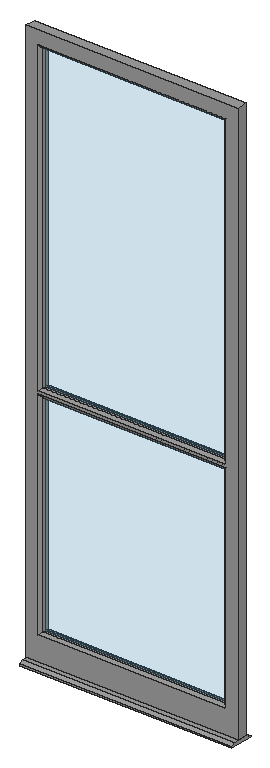
Revit family "NS-212 DOOR-0.25-SF_v04", category Curtain Panels, Revit 2015
Parameters
  Width [instance] = 3' - 2"
  URL = "obe.com"
  Rough Width [instance] = 3' - 0"
  Panel Width [instance] = [Min-Max Rough Width]  # 3' - 0"
  Offset [instance] = 0' - 0"
  Model = "NS-212 DOOR"
  Min-Max Rough Width [instance] = if(and((Rough Width > 2' 11 255/256"), (Rough Width < 3' 6 1/256")), Rough Width, 3' 0")  # 3' - 0"
  Manufacturer = "Oldcastle BuildingEnvelope®"
  Keynote = "08 11 00"
  Hinge [instance] = yes
  Height [instance] = 8' - 0"
  Pushbar Height [instance] = 3' - 5 1/4"  # constant formula
  Glass Material = Glass
  Frame Material = Aluminum
  Door Panel Height [instance] = Height + 0' 0 1/2"  # 8' - 0 1/2"
  Description = "NS-212 - 1/4\" Door Infill"
  Assembly Code = "B2030"
  Analytic Construction = "<None>"
  8 Muntin [instance] = no
  6.5 Muntin [instance] = no
  6.5 Bottom Rail [instance] = not([4 Bottom Rail])  # no
  4 Muntin [instance] = no
  4 Bottom Rail [instance] = yes
  1.875 Muntin [instance] = no
  0.5 Muntin [instance] = if(or([1.875 Muntin], [4 Muntin], [6.5 Muntin], [8 Muntin]), 1 = 2, 1 = 1)  # yes
Reference planes (in)
  plane 1 "Front": y = 0
  plane 2: z = 0
  plane 3 "Center (Left/Right)": x = 0
  plane 4 "Left": x = -19
  plane 5 "Right": x = 19
  plane 6 "Top": z = 96
  plane 7: x = -18
  plane 8: x = 18
Text (in)
  text "Exterior" at (-54.29358, 31.38743, 0), in view "Ref. Level"
  text "Exterior" at (480, 41.53993, 89.60405), in view "Right"
  text "Exterior" at (-240, 57.82419, 105.78864), in view "Left"
Dimensions and locks (in)
  equal spacing: plane 4 "Left", plane 3 "Center (Left/Right)", plane 5 "Right"
  "Width": plane 4 "Left" to plane 5 "Right"
  "Height": plane 6 "Top" to plane 2
  equal spacing: plane 7, plane 3 "Center (Left/Right)", plane 8
  "Min-Max Rough Width": plane 7 to plane 8
  aligned and locked: level to plane 2
  aligned and locked: plane 3 "Center (Left/Right)" to nested 1
  aligned and locked: plane 1 "Front" to nested 1
Nested families (in)
  nested 1: "NS-212 DOOR-0.25-Panel_v03" at (0, -15, 0), Frame Material <- "Frame Material", Glass Material <- "Glass Material", 0.5 Muntin <- "0.5 Muntin", 1.875 Muntin <- "1.875 Muntin", 4 Muntin <- "4 Muntin", 6.5 Muntin <- "6.5 Muntin", 8 Muntin <- "8 Muntin", 4 Bottom Rail <- "4 Bottom Rail", Hinge <- "Hinge", Height <- "Door Panel Height", Width <- "Min-Max Rough Width", Offset <- "Offset", type "NS-212 DOOR-0.25-Panel_v03"
    with built-in parameter 1001301 3' - 0", Pushbar Height 3' - 5 1/4", Offset 0' - 0", Hinge yes, built-in parameter 1001300 8' - 0 1/2", Glass at Muntin 0' - 1 1/16", Glass Material Glass, Frame Material Aluminum, Bottom Rail 0' - 4 31/32", 8 Muntin no, 6.5 Muntin no, 4 Muntin no, 4 Bottom Rail yes, 1.875 Muntin no, 0.5 Muntin yes
Definition of nested family "NS-212 DOOR-0.25-Panel_v03"
  Parameters (values of type "NS-212 DOOR-0.25-Panel_v03")
    Width [instance] = 3' - 0"
    Offset [instance] = 0' - 10"
    Hinge [instance] = yes
    Height [instance] = 8' - 0"
    Glass at Muntin [instance] = if([8 Muntin], 0' 8 9/16", if([6.5 Muntin], 0' 7 1/16", if([4 Muntin], 0' 4 9/16", if([1.875 Muntin], 0' 2 109/256", 0' 1 1/16"))))  # 0' - 2 109/256"
    Pushbar Height [instance] = 3' - 5 1/4"  # constant formula
    Glass Material [instance] = none
    Frame Material [instance] = none
    Bottom Rail [instance] = if([4 Bottom Rail], 0' 4 31/32", 0' 7 15/32")  # 0' - 7 15/32"
    8 Muntin [instance] = no
    6.5 Muntin [instance] = no
    4 Muntin [instance] = no
    4 Bottom Rail [instance] = no
    1.875 Muntin [instance] = yes
    0.5 Muntin [instance] = if(or([1.875 Muntin], [4 Muntin], [6.5 Muntin], [8 Muntin]), 1 = 2, 1 = 1)  # no
  Reference planes (in)
    plane 1 "00": y = 4.0625
    plane 2: z = 0
    plane 3 "Center (Left/Right)": x = 0
    plane 4: z = 96
    plane 5: x = 18
    plane 6: x = -18
    plane 7 "Center (Front/Back)": y = 15
    plane 8 "Exterior": y = 4.1875
    plane 9: z = 48
    plane 10: z = 92.96875
    plane 11 "Offset": y = 5
    plane 12: z = 42.46289
    plane 13 "Muntin axis": z = 40.03711
    plane 14: z = 41.25
  Forms (in)
    Sweep 1, solid, material <- "Frame Material"
      path origin (0, 4.0625, 0) x (1, 0, 0) y (0, 0, 1)
        loop
          line (-17.78843, 96) -> (17.80279, 96)
      profile origin (0.00718, 4.0625, 96) x (0, 0, 1) y (0, -1, 0)
        loop
          line (-0.59375, -0.875) -> (-0.59375, 0.875) -> (-2.83968, 0.875) -> (-3.34375, 0.45204) -> (-3.34375, 0.125) -> (-3.125, 0.125) -> (-3.125, -0.125) -> (-3.34375, -0.125) -> (-3.34375, -0.45204) -> (-2.83968, -0.875) -> (-0.59375, -0.875)
    Sweep 2, solid, material <- "Frame Material"
      path origin (0, 4.0625, 0) x (1, 0, 0) y (0, 0, 1)
        loop
          line (17.80279, 0) -> (-17.78843, 0)
      profile origin (0.00718, 4.0625, 0) x (0, 0, -1) y (0, -1, 0)
        loop
          line (-7.18343, -0.875) -> (-0.6875, -0.875) -> (-0.6875, 0.875) -> (-7.18343, 0.875) -> (-7.6875, 0.45204) -> (-7.6875, 0.125) -> (-7.46875, 0.125) -> (-7.46875, -0.125) -> (-7.6875, -0.125) -> (-7.6875, -0.45204) -> (-7.18343, -0.875)
        loop
          line (-0.5, -1.1555) -> (-0.19364, -1.8125) -> (0, -1.8125) -> (0, 2.1875) -> (-0.19364, 2.1875) -> (-0.5, 1.5305) -> (-0.5, -1.1555)
    Sweep 3, solid, material <- "Frame Material"
      path origin (0, 4.0625, 0) x (1, 0, 0) y (0, 0, 1)
        loop
          line (18, 95.40625) -> (18, 0.6875)
      profile origin (18, 4.0625, 48.04687) x (0, -1, 0) y (1, 0, 0)
        loop
          line (0.875, -0.08821) -> (-0.875, -0.19721) -> (-0.875, -2.20914) -> (-0.45204, -2.71321) -> (-0.125, -2.71321) -> (-0.125, -2.49446) -> (0.125, -2.49446) -> (0.125, -2.71321) -> (0.45204, -2.71321) -> (0.875, -2.20914) -> (0.875, -0.08821)
    Sweep 4, solid, material <- "Frame Material"
      path origin (0, 4.0625, 0) x (1, 0, 0) y (0, 0, 1)
        loop
          line (-18, 95.40625) -> (-18, 0.6875)
      profile origin (-18, 4.0625, 48.04687) x (0, -1, 0) y (1, 0, 0)
        loop
          line (-0.875, 0.96157) -> (-0.875, 0.21157) -> (0.875, 0.09779) -> (0.875, 0.85257) -> (0.875, 2.21871) -> (0.45204, 2.72278) -> (0.125, 2.72278) -> (0.125, 2.50403) -> (-0.125, 2.50403) -> (-0.125, 2.72278) -> (-0.45204, 2.72278) -> (-0.875, 2.21871) -> (-0.875, 0.96157)
    Extrusion 5, solid, material <- "Glass Material"
      sketch origin (0, 0, 0) x (1, 0, 0) y (0, 1, 0)
        loop
          line (-15.49597, 4.1875) -> (-15.49597, 3.9375) -> (15.50554, 3.9375) -> (15.50554, 4.1875) -> (-15.49597, 4.1875)
      from 42.46289 to 92.96875
    Extrusion 6, solid, material <- "Glass Material"
      sketch origin (0, 0, 0) x (1, 0, 0) y (0, 1, 0)
        loop
          line (-15.49597, 4.1875) -> (-15.49597, 3.9375) -> (15.50554, 3.9375) -> (15.50554, 4.1875) -> (-15.49597, 4.1875)
      from 7.46875 to 40.03711
    Sweep 7, solid, material <- "Frame Material"
      path origin (0, 0, 40.03711) x (0, 1, 0) y (-1, 0, 0)
        loop
          line (5, 17.78843) -> (5, -17.80279)
      profile origin (0.00718, 5, 40.03711) x (0, 1, 0) y (0, 0, 1)
        loop
          line (-0.8125, 0) -> (-0.8125, -0.21875) -> (-0.48546, -0.21875) -> (-0.0625, 0.28532) -> (-0.0625, 2.14046) -> (-0.48546, 2.64453) -> (-0.8125, 2.64453) -> (-0.8125, 2.42578) -> (-1.0625, 2.42578) -> (-1.0625, 2.64453) -> (-1.38954, 2.64453) -> (-1.8125, 2.14046) -> (-1.8125, 0.28532) -> (-1.38954, -0.21875) -> (-1.0625, -0.21875) -> (-1.0625, 0) -> (-0.8125, 0)
  Cuts and joins
    joined: Sweep 1, Sweep 2, Sweep 3, Sweep 4, Sweep 7
  Lines and regions (in)
    model lines
      curve 1: line (17.80279, 4.1875, 48) -> (-17.78843, 4.1875, 95.5)
      curve 2: line (17.80279, 4.0625, 48) -> (-17.90221, 4.0625, 0)
  Dimensions and locks (in)
    "Height": plane 4 to level
    "Offset": plane 11 "Offset" to plane 7 "Center (Front/Back)"
    plane 1 "00" to plane 8 "Exterior" to plane 11 "Offset" = 0' - 0 1/8" locked, 0' - 0 13/16" locked
    equal spacing: level, plane 9, plane 4
    locked: Sweep 3 sketch curve to plane 4 at 0.59375
    locked: Sweep 4 sketch curve to plane 4 at 0.59375
    "Bottom Rail": Sweep 2 sketch curve to level
    Sweep 2 sketch curve to Sweep 2 sketch curve to Sweep 2 sketch curve to Sweep 2 sketch curve to Sweep 2 sketch curve = 0' - 0" locked, 0' - 0 7/32" locked, 0' - 0.28532" locked, 0' - 0" locked
    "Width": plane 6 to plane 5
    locked: plane 6 to Extrusion 5 sketch curve at 2.50403
    locked: Extrusion 5 sketch curve to plane 5 at 2.49446
    locked: Extrusion 6 sketch curve to plane 5 at 2.49446
    locked: plane 6 to Extrusion 6 sketch curve at 2.50403
    locked: Sweep 1 sketch curve to plane 6 at 0.21157
    locked: plane 5 to Sweep 1 sketch curve at 0.19721
    locked: plane 5 to Sweep 2 sketch curve at 0.19721
    locked: Sweep 2 sketch curve to plane 6 at 0.21157
    locked: plane 4 to plane 10 at 3.03125
    equal spacing: plane 6, plane 3 "Center (Left/Right)", plane 5
    "Glass at Muntin": plane 12 to plane 13 "Muntin axis"
    locked: plane 6 to Sweep 7 sketch curve at 0.21157
    locked: Sweep 7 sketch curve to plane 5 at 0.19721
    Sweep 7 sketch curve to plane 12 to Sweep 7 sketch curve = 0' - 0 7/32" locked, 0' - 0.28532" locked  (x2)
    Sweep 7 sketch curve to plane 13 "Muntin axis" to Sweep 7 sketch curve = 0' - 0.28532" locked, 0' - 0 7/32" locked
    Sweep 7 sketch curve to profile plane to Sweep 7 sketch curve = 0' - 0.28532" locked, 0' - 0 7/32" locked
    equal spacing: plane 12, plane 14, plane 13 "Muntin axis"
    "Pushbar Height": plane 14 to plane 2
    locked: plane 1 "00" to nested 1 at 0.0287
    locked: Sweep 4 sketch curve to plane 2 at 0.6875
    locked: Sweep 3 sketch curve to plane 2 at 0.6875
    aligned and locked: plane 2 to level
    aligned and locked: plane 3 "Center (Left/Right)" to nested 1
    aligned and locked: Sweep 1 sketch curve to plane 4
    aligned and locked: Sweep 2 sketch curve to level
    aligned and locked: nested 2 to plane 1 "00"
    aligned and locked: plane 5 to Sweep 3 sketch curve
    aligned and locked: plane 6 to Sweep 4 sketch curve
    aligned and locked: Extrusion 6 to cut or joined group of Sweep 1, Sweep 2, Sweep 3, Sweep 4, Sweep 7
    aligned and locked: plane 10 to Extrusion 5
    aligned and locked: plane 9 to curve 1
    aligned and locked: plane 9 to curve 2
    aligned and locked: curve 2 to curve 1
    aligned and locked: Sweep 7 sketch curve to plane 11 "Offset"
    aligned and locked: Sweep 7 sketch curve to profile plane
    aligned and locked: plane 12 to Sweep 7 sketch curve
    aligned and locked: Extrusion 5 to plane 12
    aligned and locked: plane 13 "Muntin axis" to Extrusion 6
    aligned and locked: cut or joined group of Sweep 1, Sweep 2, Sweep 3, Sweep 4, Sweep 7 to plane 2
  Automatic sketch dimensions
    profile plane to Sweep 1 sketch curve = 0' - 0 19/32"
    Sweep 1 sketch curve to plane 1 "00" = 0' - 0 7/8"
    Sweep 1 sketch curve to Sweep 1 sketch curve = 0' - 2.24593"
    Sweep 1 sketch curve to plane 1 "00" = 0' - 0.45204"
    Sweep 1 sketch curve to Sweep 1 sketch curve = 0' - 0.50407"  (x2)
    Sweep 1 sketch curve to plane 1 "00" = 0' - 0 1/8"
    Sweep 1 sketch curve to Sweep 1 sketch curve = 0' - 0 7/32"  (x2)
    plane 1 "00" to Sweep 1 sketch curve = 0' - 0 1/8"
    plane 1 "00" to Sweep 1 sketch curve = 0' - 0 7/8"
    Sweep 1 sketch curve to Sweep 1 sketch curve = 0' - 0.32704"
    Sweep 3 sketch curve to plane 1 "00" = 0' - 0 7/8"
    profile plane to Sweep 3 sketch curve = 0' - 0.19721"
    plane 1 "00" to Sweep 3 sketch curve = 0' - 0 7/8"
    Sweep 3 sketch curve to Sweep 3 sketch curve = 0' - 2.01193"
    profile plane to Sweep 3 sketch curve = 0' - 0.08821"
    Sweep 3 sketch curve to plane 1 "00" = 0' - 0.45204"
    Sweep 3 sketch curve to plane 1 "00" = 0' - 0 1/8"
    Sweep 3 sketch curve to Sweep 3 sketch curve = 0' - 0.28532"
    Sweep 3 sketch curve to Sweep 3 sketch curve = 0' - 0 7/32"
    Sweep 3 sketch curve to Sweep 3 sketch curve = 0' - 0"
    Sweep 3 sketch curve to Sweep 3 sketch curve = 0' - 0.32704"
    Sweep 3 sketch curve to Sweep 3 sketch curve = 0' - 0.50407"
    plane 1 "00" to Sweep 3 sketch curve = 0' - 0 1/8"
    Sweep 4 sketch curve to profile plane = 0' - 0.96157"
    Sweep 4 sketch curve to plane 1 "00" = 0' - 0 7/8"
    Sweep 4 sketch curve to plane 1 "00" = 0' - 0.45204"
    Sweep 4 sketch curve to plane 1 "00" = 0' - 0 1/8"
    plane 1 "00" to Sweep 4 sketch curve = 0' - 0 1/8"
    Sweep 4 sketch curve to Sweep 4 sketch curve = 0' - 0.32704"
    Sweep 4 sketch curve to profile plane = 0' - 0.85257"
    plane 1 "00" to Sweep 4 sketch curve = 0' - 0 7/8"
    Sweep 4 sketch curve to profile plane = 0' - 0.21157"
    Sweep 4 sketch curve to Sweep 4 sketch curve = 0' - 1.36614"
    Sweep 4 sketch curve to Sweep 4 sketch curve = 0' - 1.25714"
    Sweep 4 sketch curve to Sweep 4 sketch curve = 0' - 0.28532"
    Sweep 4 sketch curve to Sweep 4 sketch curve = 0' - 0 7/32"  (x2)
    Sweep 4 sketch curve to profile plane = 0' - 0.09779"
    plane 8 "Exterior" to Extrusion 5 sketch curve = 0' - 0"
    plane 1 "00" to Extrusion 5 sketch curve = 0' - 0 1/8"
    plane 8 "Exterior" to Extrusion 6 sketch curve = 0' - 0"
    plane 1 "00" to Extrusion 6 sketch curve = 0' - 0 1/8"
    plane 6 to curve 1 = 0' - 0.21157"
    curve 1 to plane 4 = 0' - 0 1/2"
    curve 2 to level = 0' - 0"
    plane 6 to curve 2 = 0' - 0.09779"
    profile plane to Sweep 7 sketch curve = 0' - 1 13/16"
    Sweep 7 sketch curve to Sweep 7 sketch curve = 0' - 0.42296"  (x2)
    Sweep 7 sketch curve to Sweep 7 sketch curve = 0' - 0.32704"  (x3)
    Sweep 7 sketch curve to Sweep 7 sketch curve = 0' - 0 1/4"  (x2)
    profile plane to Sweep 7 sketch curve = 0' - 0.48546"
    profile plane to Sweep 7 sketch curve = 0' - 0 1/16"
    curve 1 to plane 5 = 0' - 0.19721"
    Sweep 2 sketch curve to profile plane = 0' - 0"
    profile plane to Sweep 2 sketch curve = 0' - 0 11/16"
    Sweep 2 sketch curve to Sweep 2 sketch curve = 0' - 0 3/16"
    Sweep 2 sketch curve to Sweep 2 sketch curve = 0' - 0.19364"  (x2)
    Sweep 2 sketch curve to plane 1 "00" = 0' - 1 13/16"
    Sweep 2 sketch curve to Sweep 2 sketch curve = 0' - 0.657"  (x2)
    Sweep 2 sketch curve to Sweep 2 sketch curve = 0' - 0.2805"
    Sweep 2 sketch curve to plane 1 "00" = 0' - 0.45204"
    Sweep 2 sketch curve to plane 1 "00" = 0' - 0 1/8"
    plane 1 "00" to Sweep 2 sketch curve = 0' - 0 1/8"
    Sweep 2 sketch curve to Sweep 2 sketch curve = 0' - 0.32704"
    Sweep 2 sketch curve to Sweep 2 sketch curve = 0' - 0.42296"
    Sweep 2 sketch curve to Sweep 2 sketch curve = 0' - 0.6555"
  Nested families (in)
    nested 1: "NS-212 DOOR-0.25-Plan View" at (0, 4.0912, 0), Width <- "Width", Hinge <- "Hinge", type "NS-212 DOOR-0.25-Plan View"
      with Width 3' - 0", Hinge yes
    nested 2: "NS-212 DOOR-0.25-Section_v02" at (0, 4.0625, 0) x (0, -1, 0) z (1, 0, 0), 0.5 Muntin <- "0.5 Muntin", 1.875 Muntin <- "1.875 Muntin", 4 Muntin <- "4 Muntin", 6.5 Muntin <- "6.5 Muntin", 8 Muntin <- "8 Muntin", 4 Bottom Rail <- "4 Bottom Rail", Height <- "Height", type "NS-212 DOOR-0.25-Section_v02"
      with Pushbar Height 3' - 5 1/4", Height 8' - 0", Glass at Muntins 0' - 2 7/16", Bottom Rail 0' - 7 15/32", 8 Muntin no, 6.5 Muntin no, 6.5 Bottom Rail yes, 4 Muntin no, 4 Bottom Rail no, 1.875 Muntin yes, 0.5 Muntin no
  Definition of nested family "NS-212 DOOR-0.25-Plan View"
    Parameters (values of type "NS-212 DOOR-0.25-Plan View")
      Width [instance] = 3' - 0"
      Hinge [instance] = yes
    Reference planes (in)
      plane 1 "Center (Front/Back)": y = 0
      plane 2: z = 0
      plane 3 "Center (Left/Right)": x = 0
      plane 4: x = -18
      plane 5: x = 18
      plane 6: x = 16.68437
      plane 7: y = 36
    Lines and regions (in)
      detail lines, in view "Ref. Level", not visible
        curve 1: line (-15.41096, 0.125, 0) -> (15.50075, 0.125, 0)
        curve 2: line (-15.41096, -0.125, 0) -> (15.44186, -0.125, 0)
      detail lines, in view "Ref. Level"
        curve 3: arc (-17.81721, -0.875, 0) -> (-7.79503, 24.86472, 0) -> (17.55937, 35.82519, 0) r 35.8279
        curve 4: line (16.55937, 3.84925, 0) -> (16.55937, 33.51525, 0)
        curve 8: line (16.80937, 3.84925, 0) -> (16.80937, 33.51525, 0)
      detail lines, in view "Ref. Level", detail levels fine
        curve 5: line (16.62187, 3.84925, 0) -> (16.62187, 33.51525, 0)
        curve 6: line (16.68437, 3.84925, 0) -> (16.68437, 33.51525, 0)
        curve 7: line (16.74687, 3.84925, 0) -> (16.74687, 33.51525, 0)
    Dimensions and locks (in)
      "Width": plane 4 to plane 5
      equal spacing: plane 4, plane 3 "Center (Left/Right)", plane 5
      "Width": plane 7 to plane 1 "Center (Front/Back)"
      locked: plane 1 "Center (Front/Back)" to nested 4 at 0.9
      locked: plane 5 to nested 5 at 2.25
      locked: plane 5 to nested 1 at 2.25
      locked: plane 6 to plane 5 at 1.31563
      nested 1 to plane 5 = 0' - 0.202"
      locked: nested 3 to plane 7 at 2.2645
      locked: nested 2 to plane 4 at 2.25
      aligned and locked: nested 2 to plane 1 "Center (Front/Back)"
      aligned and locked: plane 1 "Center (Front/Back)" to nested 1
      aligned and locked: nested 3 to plane 6
      aligned and locked: nested 4 to curve 8
      aligned and locked: nested 4 to curve 7
      aligned and locked: nested 4 to curve 6
      aligned and locked: nested 3 to curve 8
      aligned and locked: nested 3 to curve 7
      aligned and locked: nested 3 to curve 6
      aligned and locked: nested 3 to curve 5
      aligned and locked: curve 4 to nested 3
      aligned and locked: plane 6 to nested 4
      aligned and locked: curve 1 to nested 1
    Automatic sketch dimensions
      curve 6 to plane 6 = 0' - 0"
      plane 1 "Center (Front/Back)" to curve 3 = 0' - 0"
      curve 3 to plane 5 = 0' - 0"
      plane 6 to curve 5 = 0' - 0 1/16"
      curve 4 to curve 5 = 0' - 0 1/16"
      curve 1 to plane 1 "Center (Front/Back)" = 0' - 0 1/8"
      curve 2 to curve 1 = 0' - 0.05889"
      curve 2 to curve 1 = 0' - 0"
      curve 6 to curve 7 = 0' - 0 1/16"
      curve 7 to curve 8 = 0' - 0 1/16"
      curve 3 to plane 6 = 0' - 0 7/8"
      plane 1 "Center (Front/Back)" to curve 2 = 0' - 0 1/8"
      curve 7 to curve 3 = 0' - 2.30994"
      plane 1 "Center (Front/Back)" to curve 3 = 0' - 0 7/8"
      curve 3 to curve 2 = 0' - 2 13/32"
      curve 4 to curve 5 = 0' - 0"
      curve 4 to curve 6 = 0' - 0"
    Nested families (in)
      nested 1: "HINGE-HD-DI" at (20.25, 0, 0), type "HINGE-HD-DI", in view "Ref. Level", not visible
      nested 2: "HINGE-HD-DI" at (-20.25, 0, 0) x (-1, 0, 0) z (0, 0, 1), type "HINGE-HD-DI", in view "Ref. Level", not visible
      nested 3: "HINGE-HD-DI" at (16.68437, 38.2645, 0) x (0, 1, 0) z (0, 0, 1), type "HINGE-HD-DI", in view "Ref. Level"
      nested 4: "HINGE-HD-DI" at (16.68437, -0.9, 0) x (0, -1, 0) z (0, 0, 1), type "HINGE-HD-DI", in view "Ref. Level"
      nested 5: "HINGE-DI" at (20.25, 0, 0) x (-1, 0, 0) z (0, 0, 1), visible <- "Hinge", type "HINGE-DI", in view "Ref. Level"
    Definition of nested family "HINGE-HD-DI"
      Reference planes (in)
        plane 1 "Center (Front/Back)": y = 0
        plane 2: z = 0
        plane 3 "Center (Left/Right)": x = 0
    Definition of nested family "HINGE-DI"
      Reference planes (in)
        plane 1 "Center (Front/Back)": y = 0
        plane 2: z = 0
        plane 3 "Center (Left/Right)": x = 0
  Definition of nested family "NS-212 DOOR-0.25-Section_v02"
    Parameters (values of type "NS-212 DOOR-0.25-Section_v02")
      Height [instance] = 8' - 0"
      Glass at Muntins [instance] = if([8 Muntin], 0' 8 9/16", if([6.5 Muntin], 0' 7 1/16", if([4 Muntin], 0' 4 9/16", if([1.875 Muntin], 0' 2 7/16", 0' 1 1/16"))))  # 0' - 8 9/16"
      Pushbar Height [instance] = 3' - 5 1/4"  # constant formula
      Bottom Rail [instance] = if([6.5 Bottom Rail], 0' 7 15/32", 0' 4 31/32")  # 0' - 7 15/32"
      8 Muntin [instance] = yes
      6.5 Muntin [instance] = no
      6.5 Bottom Rail [instance] = not([4 Bottom Rail])  # yes
      4 Muntin [instance] = no
      4 Bottom Rail [instance] = no
      1.875 Muntin [instance] = no
      0.5 Muntin [instance] = if(or([1.875 Muntin], [4 Muntin], [6.5 Muntin], [8 Muntin]), 1 = 2, 1 = 1)  # no
    Reference planes (in)
      plane 1 "Center (Front/Back)": y = 0
      plane 2: z = 0
      plane 3 "Center (Left/Right)": x = 0
      plane 4: y = 7.46875
      plane 5: y = 92.875
      plane 6: y = 45.53125
      plane 7: y = 36.96875
      plane 8: y = 45.75
      plane 9: y = 96
      plane 10: y = 41.25
      plane 11: y = 45
      plane 12: y = 42.6825
      plane 13: y = 42
      plane 14: y = 43.75
    Lines and regions (in)
      detail lines, in view "Ref. Level"
        curve 1: line (-0.125, 92.875, 0) -> (-0.125, 45.53125, 0)
        curve 5: line (0.125, 92.875, 0) -> (0.125, 45.53125, 0)
        curve 6: line (0.125, 36.96875, 0) -> (0.125, 7.46875, 0)
        curve 10: line (-0.125, 36.96875, 0) -> (-0.125, 7.46875, 0)
      detail lines, in view "Ref. Level", detail levels fine
        curve 2: line (-0.0625, 92.875, 0) -> (-0.0625, 45.53125, 0)
        curve 3: line (0, 92.875, 0) -> (0, 45.53125, 0)
        curve 4: line (0.0625, 92.875, 0) -> (0.0625, 45.53125, 0)
        curve 7: line (0.0625, 36.96875, 0) -> (0.0625, 7.46875, 0)
        curve 8: line (0, 36.96875, 0) -> (0, 7.46875, 0)
        curve 9: line (-0.0625, 36.96875, 0) -> (-0.0625, 7.46875, 0)
    Dimensions and locks (in)
      "Bottom Rail": plane 4 to plane 1 "Center (Front/Back)"
      "Glass at Muntins": plane 7 to plane 6
      nested 1 to plane 9 to plane 5 = 0' - 3 1/32" locked, 0' - 3 1/8" locked
      "Height": plane 1 "Center (Front/Back)" to plane 9
      equal spacing: plane 7, plane 10, plane 6
      "Pushbar Height": plane 1 "Center (Front/Back)" to plane 10
      plane 10 to plane 13 to plane 12 to plane 14 to plane 11 to plane 8 = 0' - 0 3/4" locked, 0' - 0.6825" locked, 0' - 1.0675" locked, 0' - 1 1/4" locked, 0' - 0 3/4" locked
      aligned and locked: plane 5 to curve 2
      aligned and locked: plane 5 to curve 1
      aligned and locked: plane 3 "Center (Left/Right)" to nested 1
      aligned and locked: plane 1 "Center (Front/Back)" to nested 2
      aligned and locked: plane 3 "Center (Left/Right)" to nested 2
      aligned and locked: plane 4 to curve 10
      aligned and locked: plane 4 to curve 9
      aligned and locked: plane 4 to curve 6
      aligned and locked: plane 4 to curve 7
      aligned and locked: plane 4 to curve 8
      aligned and locked: plane 5 to curve 5
      aligned and locked: plane 5 to curve 4
      aligned and locked: plane 5 to curve 3
      aligned and locked: plane 1 "Center (Front/Back)" to nested 3
      aligned and locked: plane 3 "Center (Left/Right)" to nested 3
      aligned and locked: plane 3 "Center (Left/Right)" to nested 4
      aligned and locked: plane 6 to curve 1
      aligned and locked: plane 6 to curve 2
      aligned and locked: plane 6 to curve 3
      aligned and locked: plane 6 to curve 4
      aligned and locked: plane 6 to curve 5
      aligned and locked: plane 7 to curve 6
      aligned and locked: plane 7 to curve 7
      aligned and locked: plane 7 to curve 8
      aligned and locked: plane 7 to curve 9
      aligned and locked: plane 7 to curve 10
      aligned and locked: plane 3 "Center (Left/Right)" to nested 5
      aligned and locked: plane 3 "Center (Left/Right)" to nested 6
      aligned and locked: plane 3 "Center (Left/Right)" to nested 7
      aligned and locked: plane 8 to nested 8
      aligned and locked: plane 3 "Center (Left/Right)" to nested 8
      aligned and locked: plane 11 to nested 7
      aligned and locked: plane 12 to nested 5
      aligned and locked: plane 13 to nested 4
    Automatic sketch dimensions
      curve 3 to plane 3 "Center (Left/Right)" = 0' - 0"
      curve 8 to plane 3 "Center (Left/Right)" = 0' - 0"
      curve 2 to plane 3 "Center (Left/Right)" = 0' - 0 1/16"
      curve 9 to plane 3 "Center (Left/Right)" = 0' - 0 1/16"
      curve 10 to curve 9 = 0' - 0 1/16"
      curve 1 to curve 2 = 0' - 0 1/16"
      plane 3 "Center (Left/Right)" to curve 4 = 0' - 0 1/16"
      plane 3 "Center (Left/Right)" to curve 7 = 0' - 0 1/16"
      curve 7 to curve 6 = 0' - 0 1/16"
      curve 4 to curve 5 = 0' - 0 1/16"
    Nested families (in)
      nested 1: "TOP RAIL-DI" at (0, 99.03125, 0), type "TOP RAIL-DI", in view "Ref. Level"
      nested 2: "4 BOT RAIL-DI" at (0, 5.1875, 0), visible <- "4 Bottom Rail", type "4 BOT RAIL-DI", in view "Ref. Level"
      nested 3: "6.5 BOT RAIL-DI" at (0, 7.6875, 0), visible <- "6.5 Bottom Rail", type "6.5 BOT RAIL-DI", in view "Ref. Level"
      nested 4: "0.5 MUNTIN-DI" at (0, 42, 0), visible <- "0.5 Muntin", type "0.5 MUNTIN-DI", in view "Ref. Level"
      nested 5: "1.875 MUNTIN-DI" at (0, 42.6825, 0), visible <- "1.875 Muntin", type "1.875 MUNTIN-DI", in view "Ref. Level"
      nested 6: "4 MUNTIN-DI" at (0, 43.75, 0), visible <- "4 Muntin", type "4 MUNTIN-DI", in view "Ref. Level"
      nested 7: "6.5 MUNTIN-DI" at (0, 45, 0), visible <- "6.5 Muntin", type "6.5 MUNTIN-DI", in view "Ref. Level"
      nested 8: "8 MUNTIN-DI" at (0, 45.75, 0), visible <- "8 Muntin", type "8 MUNTIN-DI", in view "Ref. Level"
    Definition of nested family "TOP RAIL-DI"
      Reference planes (in)
        plane 1 "Center (Front/Back)": y = 0
        plane 2: z = 0
        plane 3 "Center (Left/Right)": x = 0
    Definition of nested family "4 BOT RAIL-DI"
      Reference planes (in)
        plane 1 "Center (Front/Back)": y = 0
        plane 2: z = 0
        plane 3 "Center (Left/Right)": x = 0
    Definition of nested family "6.5 BOT RAIL-DI"
      Reference planes (in)
        plane 1 "Center (Front/Back)": y = 0
        plane 2: z = 0
        plane 3 "Center (Left/Right)": x = 0
    Definition of nested family "0.5 MUNTIN-DI"
      Reference planes (in)
        plane 1 "Center (Front/Back)": y = 0
        plane 2: z = 0
        plane 3 "Center (Left/Right)": x = 0
    Definition of nested family "1.875 MUNTIN-DI"
      Reference planes (in)
        plane 1 "Center (Front/Back)": y = 0
        plane 2: z = 0
        plane 3 "Center (Left/Right)": x = 0
    Definition of nested family "4 MUNTIN-DI"
      Reference planes (in)
        plane 1 "Center (Front/Back)": y = 0
        plane 2: z = 0
        plane 3 "Center (Left/Right)": x = 0
    Definition of nested family "6.5 MUNTIN-DI"
      Reference planes (in)
        plane 1 "Center (Front/Back)": y = 0
        plane 2: z = 0
        plane 3 "Center (Left/Right)": x = 0
    Definition of nested family "8 MUNTIN-DI"
      Reference planes (in)
        plane 1 "Center (Front/Back)": y = 0
        plane 2: z = 0
        plane 3 "Center (Left/Right)": x = 0
